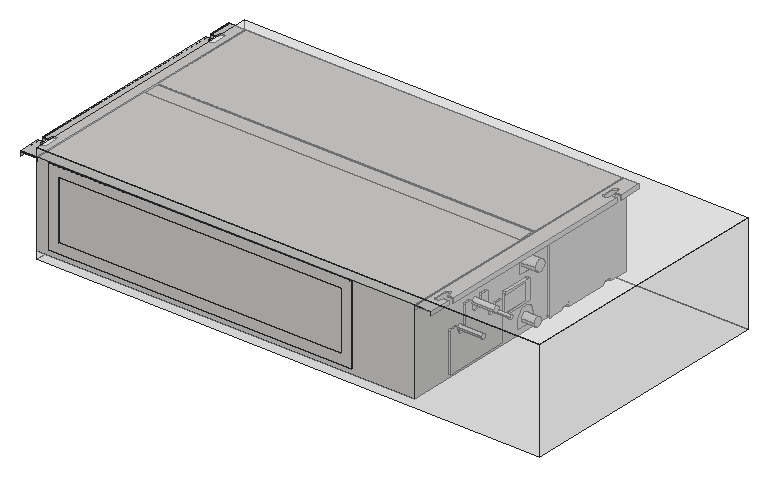
Revit family "outputfile", category 機械設備, Revit 2024
Family settings
  丸型コネクタ寸法 = 半径を使用
  パーツ タイプ = 標準
  OmniClass 番号 = 23.75.10.24.21.27.27
  OmniClass タイトル = Split System Air Conditioning Units
  作業面ベース = いいえ
  常に垂直 = はい
  ロード時にボイドで切り取り = いいえ
  注釈の向きを維持 = いいえ
  共有 = いいえ
  部屋計算ポイント = はい
Parameters (values of type "FPRSQ50APVM")
  Description = ""
  製造元 = "Daikin"
  書き出し IFC クラス(タイプ) = "IfcUnitaryEquipmentType"
  定義済み IFC タイプ(タイプ) = "AIRCONDITIONINGUNIT"
  Cost = 0
  モデル = "FPRSQ50APVM"
  Type Comments = ""
  Keynote = ""
  Type Image = (empty or 0)
  Assembly Code = ""
  r_HP/LP Gas Pipe Size = [HP/LP Gas Pipe Size] / 2  # 4.75 mm
  lw_suctionflange = 40.0 mm  # constant formula
  r_Liquid Pipe Size = Liquid Pipe Size / 2  # 3.2 mm
  r_Gas Pipe Size = Gas Pipe Size / 2  # 6.35 mm
  r_Drain Pipe Size = Drain Pipe Size / 2  # 13.0 mm
  lw_dischargeflange = 60.0 mm
  lw_SA_left = 451.0 mm
  lw_SA = Width - 178.0 mm  # 722.0 mm
  lw_RA = 818.0 mm
  lw_HP/LP Gas = 60.0 mm  # constant formula
  lh_suctionflange [instance] = if(Rear Connection_Return Air, -100.0 mm, -10.0 mm)  # -100.0 mm
  lh_power = 100.0 mm  # constant formula
  lh_mountinghole1 = lh_mountinghole  # 200.0 mm
  lh_dischargeflange = 105.5 mm  # constant formula
  lh_RA = 198.0 mm  # constant formula
  lh_HP/LP Gas = -103.0 mm  # constant formula
  left_pipe = yes
  ld_dischargeflange = 310.0 mm  # constant formula
  ld_suctionflange [instance] = if(Rear Connection_Return Air, 190.0 mm, 100.0 mm)  # 190.0 mm
  ld_HP/LP Gas = 179.0 mm  # constant formula
  angle_vertical_RA [instance] = if(Rear Connection_Return Air, 90.00°, 0.00°)  # 90.00°
  angle horizontal_RA [instance] = if(Rear Connection_Return Air, 180.00°, 270.00°)  # 180.00°
  Voltage_comment_60Hz = "220-230"
  Voltage_comment_50Hz = "220 - 240"
  Voltage_60Hz = 220 V
  Voltage_50Hz = 230 V
  URL = ""
  Supply Air Direction [instance] = yes
  Sound Power Level_H speed (dB) = 0
  Rear Connection_Return Air [instance] = not(Bottom Connection_Return Air)  # yes
  ld_RA = 190.0 mm  # constant formula
  Phase_60Hz = 1
  Phase_50Hz = 1
  Minimum External Static Pressure = 0.00 Pa
  Minimum Circuit Amps_60Hz = 0.63 A
  Minimum Circuit Amps_50Hz = 0.63 A
  Maximum Fuse Amps_60Hz = 16.0 A
  Maximum Fuse Amps_50Hz = 16.0 A
  Maximum External Static Pressure = 10.00 Pa
  Material_Casing = DAIKIN_GalvanizedSteel_Casing_indoorunit
  lw_mountinghole = 940.0 mm
  lh_gaspipe = -67.0 mm  # constant formula
  lh_mountinghole = 200.0 mm  # constant formula
  lh_liquidpipe = -103.0 mm  # constant formula
  lh_drainpipe = -50.0 mm  # constant formula
  lh_antena = 1.0 mm  # constant formula
  ld_drainpipe = 23.0 mm  # constant formula
  ld_liquidpipe = 89.0 mm  # constant formula
  ld_gaspipe = 134.0 mm  # constant formula
  ld_mountinghole = 500.0 mm  # constant formula
  h*** = 100.0 mm  # constant formula
  lw_liquidpipe = 54.5 mm  # constant formula
  lw_gaspipe = 54.5 mm  # constant formula
  lw_drainpipe = 33.0 mm  # constant formula
  Width = 900.0 mm
  Version = "ver.1.0"
  Unit Type = "Moisture Control Intelligent 3D Air Flow Ceiling Mounted Duct Type"
  Unit Mass Weight = 28.00 kg
  Unit Designation [instance] = ""
  Uniclass2015Version = "Products v1.30"
  Uniclass2015Title = "Variable refrigerant flow units"
  Uniclass2015Code = "Pr_70_65_03_94"
  Total Cooling Capacity [instance] = 0.000 kW
  Sound Pressure Level_M speed (dBA) = 33
  Sound Pressure Level_L speed (dBA) = 30
  Sound Pressure Level_H speed (dBA) = 36
  Series = "VRV HOME_Fan Coil Unit"
  Sensible Cooling Capacity [instance] = 0.000 kW
  SA Duct Size Width = 656.0 mm
  SA Duct Size Height = 141.0 mm
  Refrigerant Type = "R410A"
  RA Duct Size Width = 780.0 mm
  RA Duct Size Height = 160.0 mm
  Power Input (Cooling) = 0.055 kW
  Option Accessory 3 [instance] = ""
  Option Accessory 2 [instance] = ""
  Option Accessory 1 [instance] = ""
  Nominal Cooling Capacity = 5.600 kW
  Minimum Airflow = 600.00 m³/h
  Median Airflow = 690.00 m³/h
  Maximum Airflow = 810.00 m³/h
  Load Classification = HVAC
  Liquid Pipe Size = 6.4 mm
  Link_Nested Family [instance] = ""
  IfcVersion = ""
  IfcExportType = "AIRCONDITIONINGUNIT"
  IfcExportAs = "IfcUnitaryEquipmentType"
  Height = 200.0 mm
  Heat Exchanger Type = "Cross Fin Coil"
  HP/LP Gas Pipe Size = 9.5 mm
  Gas Pipe Size = 12.7 mm
  Frequency_60Hz = 60 Hz
  Frequency_50Hz = 50 Hz
  Fan Type = "Sirocco Fan"
  Fan Drive = "Direct Drive"
  FCU Tag No. [instance] = ""
  Drain Pipe Size = 26.0 mm
  Design Supply Airflow [instance] = 0.00 m³/h
  Design Return Airflow [instance] = 0.00 m³/h
  Design External Static Pressure [instance] = 0.00 Pa
  Depth = 620.0 mm
  既定の高さ = 0.0 mm
  Cooling Entering Wet Bulb Temperature [instance] = 0.00 °C
  Cooling Entering Dry Bulb Temperature [instance] = 0.00 °C
  Cooling Ambient Wet Bulb Temperature [instance] = 0.00 °C
  Cooling Ambient Dry Bulb Temperature [instance] = 0.00 °C
  Clearance visibility [instance] = yes
  Clearance Top = 20.0 mm
  Clearance Right = 300.0 mm
  Clearance Rear = 0.0 mm
  Clearance Left = 0.0 mm
  Clearance Front = 0.0 mm
  Clearance Bottom = 20.0 mm
  Bottom Connection_Return Air [instance] = no
Reference planes
  plane 1 "Center (Front/Back)": y = 0
  plane 2 "h": z = 0
  plane 3 "Center (Left/Right)": x = 0
  plane 4 "Back": y = 310
  plane 5 "Front": y = -310
  plane 6 "Left": x = -450
  plane 7 "Reight": x = 450
  plane 8 "Top": z = 0
  plane 9 "Bottom": z = -200
  plane 10: z = 1.2
  plane 11: z = -2
  plane 12: y = -136.255
  plane 13: y = -88.831
  plane 14: x = -370
  plane 15 "lh_mountinghole": z = 0
  plane 16: z = -50
  plane 17: y = -250
  plane 18: y = 250
  plane 19 "ld_liquidpipe": y = -89
  plane 20 "ld_gaspipe": y = -134
  plane 21: y = -215
  plane 22 "ld_drainpipe": y = 23
  plane 23: x = -470
  plane 24: x = -450
  plane 25: x = 448.7
  plane 26: x = 483
  plane 27: x = 457
  plane 28: x = 460
  plane 29: x = 458
  plane 30: x = 470
  plane 31: y = 20
  plane 32: x = 480
  plane 33: x = 448
  plane 34: y = 310
  plane 35: y = -310
  plane 36: x = -450
  plane 37: x = 750
  plane 38: z = 20
  plane 39: z = -220
  plane 40: y = 335
  plane 41: z = -198
  plane 42: z = 205.102
  plane 43 "d_liquid_pipe": x = 504.5
  plane 44 "d_gas_pipe": x = 504.5
  plane 45 "ld_SA": y = -310
  plane 46: x = -350
  plane 47: x = -60
  plane 48: y = 500
  plane 49: z = -94.5
  plane 50: x = -449
  plane 51: z = -199
  plane 52: z = -1
  plane 53: y = 120
  plane 54: y = 110
  plane 55: z = -10
  plane 56 "RA_width": x = -40
  plane 57: y = 210
  plane 58 "RA_depth": y = 120
  plane 59: z = -100
  plane 60: x = -349
  plane 61: y = 309
  plane 62: x = 341.57
  plane 63: z = -30
  plane 64 "ld_HP/LP Gas": y = -179
  plane 65: x = 510
  plane 66: x = 430.5
  plane 67: y = 260.8
  plane 68 "h115": z = -84.79
  plane 69: y = 194.79
Forms (mm)
  Extrusion 1, solid, material "DAIKIN_GalvanizedSteel_Casing_indoorunit" <- "Material_Casing"
    sketch origin (0, 0, 0) x (1, 0, 0) y (0, 1, 0)
      loop
        line (-450, 310) -> (-450, -310) -> (450, -310) -> (450, 310) -> (-450, 310)
    from -200 to 0
  Extrusion 2, solid, material "DAIKIN_GalvanizedSteel_Casing_indoorunit" <- "Material_Casing"
    sketch origin (0, 0, 0) x (0, 1, 0) y (0, 0, 1)
      loop
        arc (22.012, -86.909) -> (21.133, -84.787) -> (19.012, -83.909) r 3
        line (19.012, -83.909) -> (-47.992, -83.909)
        arc (-47.992, -83.909) -> (-50.114, -84.788) -> (-50.992, -86.91) r 3
        line (-50.992, -86.91) -> (-50.992, -128.409)
        arc (-50.992, -128.409) -> (-50.114, -130.53) -> (-47.992, -131.409) r 3
        line (-47.992, -131.409) -> (19.012, -131.409)
        arc (19.012, -131.409) -> (21.133, -130.53) -> (22.012, -128.409) r 3
        line (22.012, -128.409) -> (22.012, -86.909)
    from 450 to 460
  Extrusion 3, void
    sketch origin (0, 0, 0) x (1, 0, 0) y (0, 1, 0)
      loop
        line (448.7, 48.53) -> (-450, 48.53) -> (-450, 6.27) -> (448.7, 6.27) -> (448.7, 48.53)
    from -2 to 0
  Extrusion 4, void
    sketch origin (0, 0, 0) x (0, 1, 0) y (0, 0, 1)
      loop
        line (-138.492, -87.409) -> (-138.492, -127.909) -> (9.612, -127.909) -> (9.612, -87.409) -> (-138.492, -87.409)
    from 458 to 460
  Extrusion 5, solid, material "DAIKIN_GalvanizedSteel_Casing_indoorunit" <- "Material_Casing"
    sketch origin (0, 0, 0) x (0, 1, 0) y (0, 0, 1)
      loop
        circle (20, -170) r 10
    from 450 to 480
  Extrusion 6, solid, material "DAIKIN_GalvanizedSteel_Casing_indoorunit" <- "Material_Casing"
    sketch origin (0, 0, 0) x (0, 1, 0) y (0, 0, 1)
      loop
        circle (23, -50) r 13
    from 448 to 483
  Extrusion 7, void
    sketch origin (0, 0, 0) x (0, 1, 0) y (0, 0, 1)
      loop
        arc (2.051, -70.461) -> (3.512, -73.988) -> (7.039, -75.449) r 4.988
        line (7.039, -75.449) -> (38.961, -75.449)
        arc (38.961, -75.449) -> (42.488, -73.988) -> (43.949, -70.461) r 4.988
        line (43.949, -70.461) -> (43.949, -34.039)
        arc (43.949, -34.039) -> (42.488, -30.512) -> (38.961, -29.051) r 4.988
        line (38.961, -29.051) -> (7.039, -29.051)
        arc (7.039, -29.051) -> (3.512, -30.512) -> (2.051, -34.039) r 4.988
        line (2.051, -34.039) -> (2.051, -70.461)
      loop
        arc (44.442, -169.501) -> (20.002, -145.061) -> (-4.438, -169.501) r 24.44
        line (-4.438, -169.501) -> (-4.438, -189.537) -> (44.442, -189.537) -> (44.442, -169.501)
    from 448 to 450
  Extrusion 8, solid
    sketch origin (0, 0, 0) x (0, 1, 0) y (0, 0, 1)
      loop
        circle (-89, -103) r 3.2
    from 450 to 504.5
  Extrusion 9, solid
    sketch origin (0, 0, 0) x (0, 1, 0) y (0, 0, 1)
      loop
        circle (-134, -67) r 6.35
    from 450 to 504.5
  Extrusion 10, solid, material "DAIKIN_GalvanizedSteel_Casing_indoorunit" <- "Material_Casing"
    sketch origin (0, 0, 0) x (1, 0, 0) y (0, 1, 0)
      loop
        circle (430.5, 260.8) r 17.5
    from -198 to -200
  Extrusion 11, void
    sketch origin (0, 0, 0) x (1, 0, 0) y (0, 0, 1)
      loop
        line (-449, -1) -> (-449, -199) -> (369, -199) -> (369, -1) -> (-449, -1)
    from -310 to -120
  Extrusion 12, void
    sketch origin (0, 0, 0) x (1, 0, 0) y (0, 1, 0)
      loop
        line (-449, 309) -> (-449, 111) -> (369, 111) -> (369, 309) -> (-449, 309)
    from -200 to -10
  Extrusion 13, solid, material "DAIKIN_GalvanizedSteel_Casing_indoorunit" <- "Material_Casing", visible <- "Rear Connection_Return Air"
    sketch origin (0, 0, 0) x (1, 0, 0) y (0, 1, 0)
      loop
        line (369, 309) -> (-449, 309) -> (-449, 111) -> (369, 111) -> (369, 309)
    from -200 to -199
  Extrusion 14, solid, material "DAIKIN_GalvanizedSteel_Casing_indoorunit" <- "Material_Casing", visible <- "Bottom Connection_Return Air"
    sketch origin (0, 0, 0) x (1, 0, 0) y (0, 0, 1)
      loop
        line (369, -1) -> (-449, -1) -> (-449, -199) -> (369, -199) -> (369, -1)
    from -310 to -300
  Extrusion 15, solid
    sketch origin (0, 0, 0) x (0, 1, 0) y (0, 0, 1)
      loop
        circle (-179, -103) r 4.75
    from 450 to 510
  Extrusion 16, solid, material "DAIKIN_GalvanizedSteel_Casing_indoorunit" <- "Material_Casing"
    sketch origin (0, 0, 0) x (0, 1, 0) y (0, 0, 1)
      loop
        arc (83.953, -195.012) -> (84.829, -197.128) -> (86.945, -198.005) r 2.993
        line (86.945, -198.005) -> (116.373, -198.005)
        arc (116.373, -198.005) -> (118.489, -197.128) -> (119.366, -195.012) r 2.993
        line (119.366, -195.012) -> (119.366, -188.29)
        arc (119.366, -188.29) -> (120.862, -186.794) -> (122.359, -188.29) r 1.496
        line (122.359, -188.29) -> (122.359, -190.333) -> (137.322, -190.333) -> (137.322, -188.29)
        arc (137.322, -188.29) -> (138.818, -186.794) -> (140.315, -188.29) r 1.496
        line (140.315, -188.29) -> (140.315, -195.012)
        arc (140.315, -195.012) -> (141.191, -197.128) -> (143.307, -198.005) r 2.993
        line (143.307, -198.005) -> (241.068, -198.005)
        arc (241.068, -198.005) -> (243.185, -197.128) -> (244.061, -195.012) r 2.993
        line (244.061, -195.012) -> (244.061, -188.29)
        arc (244.061, -188.29) -> (245.558, -186.794) -> (247.054, -188.29) r 1.496
        line (247.054, -188.29) -> (247.054, -190.333) -> (262.017, -190.333) -> (262.017, -188.29)
        arc (262.017, -188.29) -> (263.514, -186.794) -> (265.01, -188.29) r 1.496
        line (265.01, -188.29) -> (265.01, -195.012)
        arc (265.01, -195.012) -> (265.887, -197.128) -> (268.003, -198.005) r 2.993
        line (268.003, -198.005) -> (310, -198.005) -> (310, -22.445) -> (280.969, -22.445) -> (277.477, -25.937) -> (207.648, -25.937) -> (204.157, -22.445) -> (86.945, -22.445)
        arc (86.945, -22.445) -> (84.829, -23.322) -> (83.953, -25.438) r 2.993
        line (83.953, -25.438) -> (83.953, -195.012)
      loop
        arc (-116.44, -57.656) -> (-118.563, -58.535) -> (-119.443, -60.659) r 3.003
        line (-119.443, -60.659) -> (-119.443, -71.5)
        arc (-119.443, -71.5) -> (-134, -86.057) -> (-148.557, -71.5) r 14.557
        line (-148.557, -71.5) -> (-148.557, -60.659)
        arc (-148.557, -60.659) -> (-149.437, -58.535) -> (-151.56, -57.656) r 3.003
        line (-151.56, -57.656) -> (-164.073, -57.656)
        arc (-164.073, -57.656) -> (-166.196, -58.535) -> (-167.076, -60.659) r 3.003
        line (-167.076, -60.659) -> (-167.076, -103)
        arc (-167.076, -103) -> (-179.13, -115.055) -> (-191.185, -103) r 12.055
        line (-191.185, -103) -> (-191.185, -98.897)
        arc (-191.185, -98.897) -> (-192.064, -96.774) -> (-194.188, -95.894) r 3.003
        line (-194.188, -95.894) -> (-208.202, -95.894)
        arc (-208.202, -95.894) -> (-210.325, -96.774) -> (-211.205, -98.897) r 3.003
        line (-211.205, -98.897) -> (-211.205, -189.537) -> (-58.882, -189.537) -> (-58.882, -98.897)
        arc (-58.882, -98.897) -> (-59.762, -96.774) -> (-61.885, -95.894) r 3.003
        line (-61.885, -95.894) -> (-74.026, -95.894)
        arc (-74.026, -95.894) -> (-76.15, -96.774) -> (-77.029, -98.897) r 3.003
        line (-77.029, -98.897) -> (-77.029, -103)
        arc (-77.029, -103) -> (-88.977, -114.948) -> (-100.924, -103) r 11.948
        line (-100.924, -103) -> (-100.924, -60.659)
        arc (-100.924, -60.659) -> (-101.804, -58.535) -> (-103.927, -57.656) r 3.003
        line (-103.927, -57.656) -> (-116.44, -57.656)
    from 450 to 457
  Revolve 17, solid, material "DAIKIN_GalvanizedSteel_Casing_indoorunit" <- "Material_Casing", visible <- "left_pipe"
    sketch origin (0, 0, -84.79) x (0, 1, 0) y (-1, 0, 0)
      loop
        line (194.79, 450) -> (194.79, 465.7) -> (187.29, 465.7) -> (187.29, 458.7) -> (177.29, 458.7) -> (177.29, 450) -> (194.79, 450)
      axis (194.79, 465.7) -> (194.79, 450)
    angle from 0 to 360
Cuts and joins
  Extrusion 3, Extrusion 4, Extrusion 7, Extrusion 11, Extrusion 12 cuts Extrusion 1
  Extrusion 4 cuts Extrusion 2
  Extrusion 11 cuts Extrusion 6
Dimensions and locks
  "Height": plane 8 "Top" to plane 9 "Bottom"
  locked: plane 10 to plane 8 "Top" at 1.2
  locked: plane 8 "Top" to plane 11 at 2
  equal spacing: plane 17, plane 1 "Center (Front/Back)", plane 18
  "ld_mountinghole": plane 17 to plane 18
  "ld_gaspipe": plane 20 "ld_gaspipe" to plane 1 "Center (Front/Back)"
  "ld_liquidpipe": plane 19 "ld_liquidpipe" to plane 1 "Center (Front/Back)"
  equal spacing: plane 4 "Back", plane 1 "Center (Front/Back)", plane 5 "Front"
  "Depth": plane 4 "Back" to plane 5 "Front"
  locked: plane 12 to plane 1 "Center (Front/Back)" at 136.255
  locked: plane 12 to plane 13 at 47.425
  locked: plane 13 to plane 1 "Center (Front/Back)" at 88.831
  equal spacing: plane 6 "Left", plane 3 "Center (Left/Right)", plane 7 "Reight"
  "Width": plane 6 "Left" to plane 7 "Reight"
  "lw_drainpipe": plane 7 "Reight" to plane 26
  locked: plane 7 "Reight" to plane 27 at 7
  locked: plane 28 to plane 26 at 23
  locked: plane 29 to plane 26 at 25
  equal spacing: plane 23, plane 3 "Center (Left/Right)", plane 30
  "lw_mountinghole": plane 23 to plane 30
  locked: plane 7 "Reight" to plane 32 at 30
  locked: plane 33 to plane 7 "Reight" at 2
  "Clearance Left": plane 36 to plane 6 "Left"
  "Clearance Right": plane 7 "Reight" to plane 37
  "Clearance Rear": plane 34 to plane 4 "Back"
  "Clearance Front": plane 5 "Front" to plane 35
  "Clearance Top": plane 38 to plane 8 "Top"
  "Clearance Bottom": plane 9 "Bottom" to plane 39
  locked: plane 40 to plane 4 "Back" at 25
  locked: plane 25 to plane 7 "Reight" at 1.3
  locked: plane 41 to plane 9 "Bottom" at 2
  "lw_liquidpipe": plane 7 "Reight" to plane 43 "d_liquid_pipe"
  "lw_gaspipe": plane 7 "Reight" to plane 44 "d_gas_pipe"
  "lh_mountinghole": plane 15 "lh_mountinghole" to plane 9 "Bottom"
  "ld_suctionflange": plane 48 to plane 4 "Back"
  "lw_dischargeflange": plane 47 to plane 3 "Center (Left/Right)"
  "lh_dischargeflange": plane 49 to plane 9 "Bottom"
  locked: plane 8 "Top" to plane 52 at 1
  locked: plane 50 to plane 6 "Left" at 1
  locked: plane 51 to plane 9 "Bottom" at 1
  locked: plane 55 to plane 9 "Bottom" at 190
  locked: plane 4 "Back" to plane 53 at 190
  locked: plane 4 "Back" to plane 54 at 200
  locked: plane 4 "Back" to plane 57 at 100
  "lw_suctionflange": plane 56 "RA_width" to plane 3 "Center (Left/Right)"
  "ld_suctionflange": plane 4 "Back" to plane 58 "RA_depth"
  "lh_power": plane 59 to plane 9 "Bottom"
  locked: plane 46 to plane 60 at 1
  locked: plane 34 to plane 61 at 1
  locked: plane 8 "Top" to plane 63 at 30
  locked: plane 7 "Reight" to plane 62 at 108.43
  locked: plane 16 to plane 9 "Bottom" at 150
  locked: Extrusion 3 sketch curve to Extrusion 3 sketch curve at 42.26
  "ld_HP/LP Gas": plane 64 "ld_HP/LP Gas" to plane 1 "Center (Front/Back)"
  "ld_drainpipe": plane 1 "Center (Front/Back)" to plane 22 "ld_drainpipe"
  locked: plane 1 "Center (Front/Back)" to plane 31 at 20
  locked: Extrusion 5 sketch curve to plane 9 "Bottom" at 30
  Extrusion 15 sketch curve to plane 9 "Bottom" = 97.0 mm
  "lw_HP/LP Gas": plane 7 "Reight" to plane 65
  locked: Extrusion 9 sketch curve to plane 9 "Bottom" at 133
  locked: Extrusion 8 sketch curve to plane 9 "Bottom" at 97
  plane 66 to plane 7 "Reight" = 19.5 mm
  locked: plane 68 "h115" to plane 9 "Bottom" at 115.21
  locked: plane 4 "Back" to plane 69 at 115.21
  Revolve 17 sketch curve to plane 6 "Left" = 8.7 mm
  Revolve 17 sketch curve to plane 6 "Left" = 15.7 mm
  locked: plane 69 to Revolve 17 sketch curve at 17.5
  locked: plane 69 to Revolve 17 sketch curve at 7.5
  "ld_dischargeflange": plane 45 "ld_SA" to plane 1 "Center (Front/Back)"
  plane 4 "Back" to cut or joined group of Extrusion 1, Extrusion 3, Extrusion 4, Extrusion 7, Extrusion 11, Extrusion 12 = 261.47 mm
  plane 4 "Back" to plane 67 = 49.2 mm
  "Drain Pipe Size": diameter of Extrusion 6 sketch curve
  "Liquid Pipe Size": diameter of Extrusion 8 sketch curve
  "Gas Pipe Size": diameter of Extrusion 9 sketch curve
  "HP/LP Gas Pipe Size": diameter of Extrusion 15 sketch curve
  aligned and locked: level to plane 2 "h"
  aligned and locked: plane 8 "Top" to Extrusion 1
  aligned and locked: Extrusion 1 to plane 9 "Bottom"
  aligned and locked: Extrusion 3 to plane 11
  aligned and locked: plane 8 "Top" to Extrusion 3
  aligned and locked: Extrusion 2 to Extrusion 4
  aligned and locked: nested 3 to plane 20 "ld_gaspipe"
  aligned and locked: nested 4 to plane 19 "ld_liquidpipe"
  aligned and locked: nested 5 to plane 22 "ld_drainpipe"
  aligned and locked: nested 1 to plane 7 "Reight"
  aligned and locked: plane 6 "Left" to plane 24
  aligned and locked: Extrusion 3 sketch curve to plane 24
  aligned and locked: Extrusion 3 sketch curve to plane 25
  aligned and locked: cut or joined group of Extrusion 1, Extrusion 3, Extrusion 4, Extrusion 7, Extrusion 11, Extrusion 12 to plane 6 "Left"
  aligned and locked: plane 7 "Reight" to cut or joined group of Extrusion 1, Extrusion 3, Extrusion 4, Extrusion 7, Extrusion 11, Extrusion 12
  aligned and locked: plane 26 to Extrusion 6
  aligned and locked: Extrusion 6 to plane 26  (x2)
  aligned and locked: plane 7 "Reight" to nested 1
  aligned and locked: plane 28 to cut or joined group of Extrusion 2, Extrusion 4
  aligned and locked: cut or joined group of Extrusion 2, Extrusion 4 to plane 29
  aligned and locked: nested 2 to plane 6 "Left"
  aligned and locked: plane 31 to Extrusion 5 sketch curve
  aligned and locked: Extrusion 5 to plane 7 "Reight"
  aligned and locked: plane 32 to Extrusion 5
  aligned and locked: Extrusion 2 to plane 7 "Reight"
  aligned and locked: plane 7 "Reight" to Extrusion 7
  aligned and locked: plane 33 to Extrusion 7
  aligned and locked: plane 33 to Extrusion 6
  aligned and locked: plane 3 "Center (Left/Right)" to nested 6
  aligned and locked: plane 1 "Center (Front/Back)" to nested 6
  aligned and locked: plane 4 "Back" to cut or joined group of Extrusion 1, Extrusion 3, Extrusion 4, Extrusion 7, Extrusion 11, Extrusion 12
  aligned and locked: nested 7 to plane 35
  aligned and locked: plane 36 to nested 7
  aligned and locked: plane 37 to nested 7
  aligned and locked: nested 7 to plane 36
  aligned and locked: plane 34 to nested 7
  aligned and locked: plane 38 to nested 7
  aligned and locked: plane 39 to nested 7
  aligned and locked: Extrusion 8 to plane 7 "Reight"
  aligned and locked: plane 43 "d_liquid_pipe" to Extrusion 8
  aligned and locked: plane 20 "ld_gaspipe" to Extrusion 9 sketch curve
  aligned and locked: Extrusion 9 to plane 7 "Reight"
  aligned and locked: plane 44 "d_gas_pipe" to Extrusion 9
  aligned and locked: plane 44 "d_gas_pipe" to nested 3
  aligned and locked: plane 43 "d_liquid_pipe" to nested 4
  aligned and locked: plane 19 "ld_liquidpipe" to Extrusion 8 sketch curve
  aligned and locked: plane 15 "lh_mountinghole" to nested 2
  aligned and locked: plane 15 "lh_mountinghole" to nested 1
  aligned and locked: plane 30 to nested 8
  aligned and locked: plane 17 to nested 8
  aligned and locked: plane 30 to nested 11
  aligned and locked: plane 18 to nested 11
  aligned and locked: plane 23 to nested 9
  aligned and locked: plane 18 to nested 9
  aligned and locked: plane 23 to nested 10
  aligned and locked: plane 17 to nested 10
  aligned and locked: plane 47 to nested 12
  aligned and locked: plane 49 to nested 12
  aligned and locked: Extrusion 10 to plane 9 "Bottom"
  aligned and locked: nested 13 to plane 9 "Bottom"
  aligned and locked: plane 50 to Extrusion 11 sketch curve
  aligned and locked: Extrusion 11 sketch curve to plane 52
  aligned and locked: plane 51 to Extrusion 11 sketch curve
  aligned and locked: plane 4 "Back" to Extrusion 11
  aligned and locked: Extrusion 12 to plane 9 "Bottom"
  aligned and locked: plane 55 to Extrusion 12
  aligned and locked: Extrusion 13 sketch curve to cut or joined group of Extrusion 1, Extrusion 3, Extrusion 4, Extrusion 7, Extrusion 11, Extrusion 12
  aligned and locked: cut or joined group of Extrusion 1, Extrusion 3, Extrusion 4, Extrusion 7, Extrusion 11, Extrusion 12 to Extrusion 13 sketch curve
  aligned and locked: Extrusion 13 to plane 9 "Bottom"
  aligned and locked: Extrusion 11 to plane 53
  aligned and locked: Extrusion 14 sketch curve to cut or joined group of Extrusion 1, Extrusion 3, Extrusion 4, Extrusion 7, Extrusion 11, Extrusion 12  (x3)
  aligned and locked: plane 4 "Back" to Extrusion 14
  aligned and locked: Extrusion 13 to cut or joined group of Extrusion 1, Extrusion 3, Extrusion 4, Extrusion 7, Extrusion 11, Extrusion 12
  aligned and locked: plane 7 "Reight" to nested 5
  aligned and locked: plane 22 "ld_drainpipe" to nested 5
  aligned and locked: nested 2 to plane 1 "Center (Front/Back)"
  aligned and locked: plane 22 "ld_drainpipe" to Extrusion 6 sketch curve
  aligned and locked: plane 7 "Reight" to nested 17
  aligned and locked: plane 64 "ld_HP/LP Gas" to nested 17
  aligned and locked: plane 64 "ld_HP/LP Gas" to Extrusion 15 sketch curve
  aligned and locked: Extrusion 15 to plane 65
  aligned and locked: Extrusion 16 to plane 7 "Reight"
  aligned and locked: Extrusion 16 to plane 27
  aligned and locked: plane 67 to Extrusion 10 sketch curve
  aligned and locked: plane 66 to Extrusion 10 sketch curve
  aligned and locked: plane 66 to nested 13
  aligned and locked: plane 67 to nested 13
  aligned and locked: Extrusion 13 sketch curve to nested 16
  aligned and locked: plane 56 "RA_width" to nested 15
  aligned and locked: Extrusion 15 to plane 7 "Reight"
  aligned and locked: plane 56 "RA_width" to nested 16
  aligned and locked: Revolve 17 sketch curve to plane 69  (x2)
  aligned and locked: nested 15 to plane 58 "RA_depth"
  aligned and locked: plane 47 to nested 18
  aligned and locked: nested 18 to plane 49
  aligned and locked: plane 1 "Center (Front/Back)" to nested 12
  aligned and locked: plane 45 "ld_SA" to nested 18
  aligned and locked: plane 5 "Front" to Extrusion 1 sketch curve
Automatic sketch dimensions
  Extrusion 1 sketch curve to plane 6 "Left" = 0.0 mm
  Extrusion 1 sketch curve to plane 7 "Reight" = 0.0 mm
  Extrusion 1 sketch curve to plane 4 "Back" = 0.0 mm
  plane 6 "Left" to Extrusion 12 sketch curve = 1.0 mm
  Extrusion 12 sketch curve to plane 7 "Reight" = 81.0 mm
  Extrusion 12 sketch curve to plane 4 "Back" = 1.0 mm
  Extrusion 13 sketch curve to plane 4 "Back" = 1.0 mm
  plane 33 to Extrusion 14 sketch curve = 79.0 mm
  plane 33 to Extrusion 11 sketch curve = 79.0 mm
  plane 54 to Extrusion 12 sketch curve = 1.0 mm
  Extrusion 6 sketch curve to plane 16 = 0.0 mm
  Extrusion 2 sketch curve to Extrusion 2 sketch curve = 3.0 mm  (x5)
  Extrusion 2 sketch curve to plane 49 = 7.591 mm
  Extrusion 4 sketch curve to plane 49 = 7.091 mm
  Extrusion 4 sketch curve to plane 1 "Center (Front/Back)" = 9.612 mm
  plane 20 "ld_gaspipe" to Extrusion 4 sketch curve = 4.492 mm
  Extrusion 4 sketch curve to plane 59 = 27.909 mm
  plane 22 "ld_drainpipe" to Extrusion 2 sketch curve = 3.988 mm
  Extrusion 2 sketch curve to plane 59 = 28.409 mm
  Extrusion 2 sketch curve to plane 19 "ld_liquidpipe" = 41.008 mm
  plane 1 "Center (Front/Back)" to Extrusion 7 sketch curve = 4.438 mm
  Extrusion 7 sketch curve to plane 1 "Center (Front/Back)" = 2.051 mm
  plane 63 to Extrusion 7 sketch curve = 0.949 mm
  Extrusion 7 sketch curve to plane 1 "Center (Front/Back)" = 7.039 mm  (x2)
  plane 22 "ld_drainpipe" to Extrusion 7 sketch curve = 2.998 mm
  Extrusion 7 sketch curve to plane 22 "ld_drainpipe" = 15.961 mm  (x2)
  Extrusion 7 sketch curve to Extrusion 7 sketch curve = 4.988 mm
  Extrusion 7 sketch curve to plane 49 = 24.039 mm
  plane 41 to Extrusion 7 sketch curve = 28.499 mm
  plane 41 to Extrusion 7 sketch curve = 8.463 mm
  Extrusion 16 sketch curve to plane 21 = 3.795 mm  (x2)
  Extrusion 16 sketch curve to Extrusion 16 sketch curve = 3.003 mm  (x6)
  plane 49 to Extrusion 16 sketch curve = 1.394 mm  (x4)
  Extrusion 16 sketch curve to Extrusion 16 sketch curve = 0.0 mm  (x18)
  plane 49 to Extrusion 16 sketch curve = 4.397 mm  (x2)
  Extrusion 16 sketch curve to Extrusion 16 sketch curve = 14.014 mm
  Extrusion 16 sketch curve to plane 64 "ld_HP/LP Gas" = 0.13 mm
  plane 64 "ld_HP/LP Gas" to Extrusion 16 sketch curve = 11.924 mm
  Extrusion 16 sketch curve to Extrusion 16 sketch curve = 12.513 mm  (x2)
  plane 20 "ld_gaspipe" to Extrusion 16 sketch curve = 0.0 mm
  Extrusion 16 sketch curve to plane 59 = 3.0 mm  (x3)
  plane 19 "ld_liquidpipe" to Extrusion 16 sketch curve = 11.924 mm
  Extrusion 16 sketch curve to plane 19 "ld_liquidpipe" = 0.023 mm
  Extrusion 16 sketch curve to Extrusion 16 sketch curve = 12.141 mm
  plane 41 to Extrusion 16 sketch curve = 8.463 mm
  Extrusion 16 sketch curve to plane 19 "ld_liquidpipe" = 30.118 mm
  plane 63 to Extrusion 16 sketch curve = 4.562 mm
  Extrusion 16 sketch curve to plane 53 = 36.047 mm
  Extrusion 16 sketch curve to Extrusion 16 sketch curve = 2.993 mm  (x4)
  Extrusion 16 sketch curve to plane 41 = 0.005 mm  (x3)
  Extrusion 16 sketch curve to plane 53 = 3.627 mm
  Extrusion 16 sketch curve to plane 53 = 0.634 mm
  plane 53 to Extrusion 16 sketch curve = 0.862 mm
  Extrusion 16 sketch curve to Extrusion 16 sketch curve = 14.963 mm
  Extrusion 16 sketch curve to Extrusion 16 sketch curve = 1.496 mm  (x3)
  Extrusion 16 sketch curve to plane 57 = 5.843 mm
  Extrusion 16 sketch curve to plane 57 = 2.352 mm
  plane 18 to Extrusion 16 sketch curve = 8.932 mm
  plane 18 to Extrusion 16 sketch curve = 5.939 mm
  Extrusion 16 sketch curve to plane 18 = 12.017 mm
  plane 63 to Extrusion 16 sketch curve = 4.063 mm
  Extrusion 16 sketch curve to plane 18 = 27.477 mm
  Extrusion 16 sketch curve to Extrusion 16 sketch curve = 3.491 mm
  Extrusion 16 sketch curve to plane 4 "Back" = 0.0 mm
  Extrusion 16 sketch curve to Extrusion 16 sketch curve = 4.679 mm  (x2)
  Extrusion 16 sketch curve to Extrusion 16 sketch curve = 2.042 mm  (x4)
  Extrusion 16 sketch curve to plane 49 = 23.0 mm
  Extrusion 16 sketch curve to Extrusion 16 sketch curve = 10.841 mm  (x4)
  plane 63 to Extrusion 16 sketch curve = 7.555 mm
  Revolve 17 sketch curve to plane 6 "Left" = 0.0 mm
  plane 60 to Revolve 17 sketch curve = 53.3 mm
  Revolve 17 sketch curve to plane 14 = 10.7 mm
  Extrusion 3 sketch curve to plane 1 "Center (Front/Back)" = 6.27 mm
  radius of Extrusion 5 sketch curve = 10.0 mm
  radius of Extrusion 10 sketch curve = 17.5 mm
Nested families
  nested 1: "daikin_hangerfixture_FPRSQ-APVM" at (450, 0, 0), type "daikin_hangerfixture_FPRSQ-APVM"
  nested 2: "daikin_hangerfixture_FPRSQ-APVM" at (-450, 0, 0) x (-1, 0, 0) z (0, 0, 1), type "daikin_hangerfixture_FPRSQ-APVM"
  nested 3: "daikin_connector_rotate2" at (450, -134, -67) x (0, 1, 0) z (0, 0, 1), length <- "lw_gaspipe", built-in parameter 1001364 <- "lh_gaspipe", type "daikin_connector_rotate2"
    with radius 6.35 mm, length 54.5 mm, angle_vertical 90.00°
  nested 4: "daikin_connector_rotate2" at (450, -89, -103) x (0, 1, 0) z (0, 0, 1), length <- "lw_liquidpipe", built-in parameter 1001364 <- "lh_liquidpipe", type "daikin_connector_rotate2"
    with radius 3.2 mm, length 54.5 mm, angle_vertical 90.00°
  nested 5: "daikin_connector_rotate2" at (450, 23, -50) x (0, 1, 0) z (0, 0, 1), length <- "lw_drainpipe", built-in parameter 1001364 <- "lh_drainpipe", type "daikin_connector_rotate2"
    with radius 10.0 mm, length 33.0 mm, angle_vertical 90.00°
  nested 6: "daikin_△_symbolicline" at (0, 0, 200), built-in parameter 1001364 <- "Height", visible <- "Supply Air Direction", type "daikin_△_symbolicline"
    with length 200.0 mm
  nested 7: "daikin_clearancespace" at (150, 0, -99.881), visible <- "Clearance visibility", show <- "Clearance visibility", Link_Nested Family <- "Link_Nested Family", type "daikin_clearancespace"
    with width 1200.0 mm, show yes, height 240.0 mm, depth 620.0 mm, Link_Nested Family ""
  nested 8: "daikin_mountinghole" at (470, -250, -200), l_antenna <- "lh_antena", Link_Nested Family <- "Link_Nested Family", h_mountinghole <- "lh_mountinghole1", type "daikin_mountinghole"
    with show yes, l_antenna 1.0 mm, h_mountinghole 200.0 mm, Link_Nested Family ""
  nested 9: "daikin_mountinghole" at (-470, 250, -200), l_antenna <- "lh_antena", Link_Nested Family <- "Link_Nested Family", h_mountinghole <- "lh_mountinghole1", type "daikin_mountinghole"
    with show yes, l_antenna 1.0 mm, h_mountinghole 200.0 mm, Link_Nested Family ""
  nested 10: "daikin_mountinghole" at (-470, -250, -200), l_antenna <- "lh_antena", Link_Nested Family <- "Link_Nested Family", h_mountinghole <- "lh_mountinghole1", type "daikin_mountinghole"
    with show yes, l_antenna 1.0 mm, h_mountinghole 200.0 mm, Link_Nested Family ""
  nested 11: "daikin_mountinghole" at (470, 250, -200), l_antenna <- "lh_antena", Link_Nested Family <- "Link_Nested Family", h_mountinghole <- "lh_mountinghole1", type "daikin_mountinghole"
    with show yes, l_antenna 1.0 mm, h_mountinghole 200.0 mm, Link_Nested Family ""
  nested 12: "daikin_connector_rotate2" at (-60, 0, -94.5), length <- "ld_dischargeflange", type "daikin_connector_rotate2"
    with radius 10.0 mm, length 310.0 mm, angle_vertical 90.00°
  nested 13: "daikin_connector_rotate2" at (430.5, 260.8, -100) x (1, 0, 0) z (0, -1, 0), length <- "lh_power", type "daikin_connector_rotate2"
    with radius 10.0 mm, length 100.0 mm, angle_vertical 90.00°
  nested 14: "daikin_ductflange_FPRSQ-APVM2" at (-40, 310, -199), height <- "lh_RA", width <- "lw_RA", visible <- "Rear Connection_Return Air", type "daikin_ductflange_FPRSQ-APVM2"
    with width 818.0 mm, height 198.0 mm, depth 8.188 mm
  nested 15: "daikin_connector_rotate3" at (-40, 120, -100), built-in parameter 1001364 <- "lh_suctionflange", length <- "ld_RA", angle_vertical <- "angle_vertical_RA", angle_horizontal <- "angle horizontal_RA", type "daikin_connector_rotate3"
    with show no, radius 10.0 mm, length 190.0 mm, angle_vertical 90.00°, angle_horizontal 180.00°
  nested 16: "daikin_ductflange_FPRSQ-APVM2" at (-40, 111, -200) x (1, 0, 0) z (0, 1, 0), width <- "lw_RA", height <- "lh_RA", visible <- "Bottom Connection_Return Air", type "daikin_ductflange_FPRSQ-APVM2"
    with width 818.0 mm, height 198.0 mm, depth 562.323 mm
  nested 17: "daikin_connector_rotate2" at (450, -179, -103) x (0, 1, 0) z (0, 0, 1), length <- "lw_HP/LP Gas", built-in parameter 1001364 <- "lh_HP/LP Gas", type "daikin_connector_rotate2"
    with radius 4.8 mm, length 60.0 mm, angle_vertical 90.00°
  nested 18: "daikin_ductflange_FPRSQ-APVM3" at (-60, -310, -193.5), height <- "lh_RA", width <- "lw_SA", type "daikin_ductflange_FPRSQ-APVM3"
    with width 722.0 mm, height 198.0 mm, depth 1.0 mm
Connectors
  piping at (504.5, -134, -67), diameter 12.7, driven by "r_Gas Pipe Size"
    settings: on nested 3, index 3, connector inside diameter 609.6 mm, connector length 0.0 mm, flow factor 0, pipe flow 0.00 m³/h, pressure drop 0.0 Pa, fitting loss kfactor 0, connector angle 0.00°, fixture units 0, engagement length 0.0 mm, angle of deflection 0.00°, flow configuration 1, flow direction 2, fitting loss method 0, system type 29, joint type 0, gender type 0, connector reference index -1, connector utility 0, adjustable connector no, is connector primary yes, connector description "Refrigerant Gas Piping"
  piping at (504.5, -89, -103), diameter 6.4, driven by "r_Liquid Pipe Size"
    settings: on nested 4, index 4, connector inside diameter 609.6 mm, connector length 0.0 mm, flow factor 0, pipe flow 0.00 m³/h, pressure drop 0.0 Pa, fitting loss kfactor 0, connector angle 0.00°, fixture units 0, engagement length 0.0 mm, angle of deflection 0.00°, flow configuration 1, flow direction 1, fitting loss method 0, system type 29, joint type 0, gender type 0, connector reference index -1, connector utility 0, adjustable connector no, is connector primary no, connector description "Refrigerant Liquid Piping"
  piping at (483, 23, -50), diameter 26, driven by "r_Drain Pipe Size"
    settings: on nested 5, index 5, connector inside diameter 609.6 mm, connector length 0.0 mm, flow factor 0, pipe flow 0.00 m³/h, pressure drop 0.0 Pa, fitting loss kfactor 0, connector angle 0.00°, fixture units 0, engagement length 0.0 mm, angle of deflection 0.00°, flow configuration 1, flow direction 2, fitting loss method 4, system type 16, joint type 0, gender type 0, connector reference index -1, connector utility 0, adjustable connector no, is connector primary no, connector description "Condensate Drain Piping"
  electrical at (430.5, 260.8, -200), driven by "Load Classification"
    settings: on nested 13, index 12, voltage 0 V, apparent load 0 VA, apparent load phase1 0 VA, apparent load phase2 0 VA, apparent load phase3 0 VA, power factor 1, load classification "HVAC", number of poles 1, system type 30, power factor state 1, is connector primary yes, connector utility no, sub classification motor no, connector description "Power Supply"
  hvac at (-40, 310, -100), driven by "RA Duct Size Height", driven by "RA Duct Size Width"
    settings: on nested 15, index 13, duct flow 0.00 m³/h, flow factor 0, pres drop 0.00 Pa, loss coef 0, conn angle 0.00°, conn width 780.0 mm, conn height 160.0 mm, conn diameter 609.6 mm, duct sys type 2, conn prof type 1, flow config 0, flow direction 1, loss method 4, conn ref index -1, conn util no, is conn primary yes, conn desc "RA Duct"
  piping at (510, -179, -103), diameter 9.5, driven by "r_HP/LP Gas Pipe Size"
    settings: on nested 17, index 14, connector inside diameter 609.6 mm, connector length 0.0 mm, flow factor 0, pipe flow 0.00 m³/h, pressure drop 0.0 Pa, fitting loss kfactor 0, connector angle 0.00°, fixture units 0, engagement length 0.0 mm, angle of deflection 0.00°, flow configuration 1, flow direction 0, fitting loss method 0, system type 29, joint type 0, gender type 0, connector reference index -1, connector utility 0, adjustable connector no, is connector primary no, connector description "Refrigerant HP/LP Gas Piping"
  hvac at (-60, -310, -94.5), driven by "SA Duct Size Height", driven by "SA Duct Size Width"
    settings: on nested 12, index 15, duct flow 0.00 m³/h, flow factor 0, pres drop 0.00 Pa, loss coef 0, conn angle 0.00°, conn width 656.0 mm, conn height 141.0 mm, conn diameter 609.6 mm, duct sys type 1, conn prof type 1, flow config 0, flow direction 2, loss method 4, conn ref index -1, conn util no, is conn primary no, conn desc "SA Duct"
Definition of nested family "daikin_hangerfixture_FPRSQ-APVM"
  Parameters (values of type "daikin_hangerfixture_FXDSQ-AVM")
    width = 40.0 mm
    material = none
    height = 10.0 mm
    depth = 620.0 mm
    Default Elevation = 0.0 mm
  Reference planes
    plane 1 "Center (Front/Back)": y = 0
    plane 2: z = 0
    plane 3 "Center (Left/Right)": x = 0
    plane 4: y = 417.146
    plane 5: z = -1.6
    plane 6: x = 40
    plane 7: y = 310
    plane 8: y = -310
    plane 9: y = -313.5
    plane 10: y = 313.5
    plane 11: z = -10
    plane 12: x = 1.5
  Forms (mm)
    Extrusion 1, solid, material <- "material"
      sketch origin (0, 0, 0) x (1, 0, 0) y (0, 1, 0)
        loop
          line (12.981, 236.965) -> (12.981, 263.035)
          arc (12.981, 263.035) -> (20, 270.054) -> (27.019, 263.035) r 7.019
          line (27.019, 263.035) -> (27.019, 256.518) -> (40, 256.518) -> (40, 310) -> (0, 310) -> (0, -310) -> (40, -310) -> (40, -256.518) -> (27.019, -256.518) -> (27.019, -263.035)
          arc (27.019, -263.035) -> (20, -270.054) -> (12.981, -263.035) r 7.019
          line (12.981, -263.035) -> (12.981, -236.965)
          arc (12.981, -236.965) -> (20, -229.946) -> (27.019, -236.965) r 7.019
          line (27.019, -236.965) -> (27.019, -243.482) -> (40, -243.482) -> (40, 243.482) -> (27.019, 243.482) -> (27.019, 236.965)
          arc (27.019, 236.965) -> (20, 229.946) -> (12.981, 236.965) r 7.019
      from -1.6 to 0
    Extrusion 2, solid, material <- "material"
      sketch origin (0, 0, 0) x (0, 1, 0) y (0, 0, 1)
        loop
          line (310, -10) -> (310, 0) -> (-310, 0) -> (-310, -10) -> (310, -10)
      from 0 to 1.5
    Extrusion 3, solid, material <- "material"
      sketch origin (0, 0, 0) x (0, 1, 0) y (0, 0, 1)
        loop
          line (-310, -10) -> (-256.518, -10) -> (-256.518, 0) -> (-310, 0) -> (-310, -10)
        loop
          line (310, -10) -> (310, 0) -> (256.518, 0) -> (256.518, -10) -> (310, -10)
        loop
          line (-243.482, 0) -> (-243.482, -10) -> (243.482, -10) -> (243.482, 0) -> (-243.482, 0)
      from 38.442 to 40
  Cuts and joins
    joined: Extrusion 1, Extrusion 2, Extrusion 3
  Dimensions and locks
    "width": plane 3 "Center (Left/Right)" to plane 6
    "depth": plane 8 to plane 7
    equal spacing: plane 8, plane 1 "Center (Front/Back)", plane 7
    locked: plane 9 to plane 8 at 3.5
    locked: plane 7 to plane 10 at 3.5
    "height": level to plane 11
    locked: plane 12 to plane 3 "Center (Left/Right)" at 1.5
    locked: Extrusion 3 to plane 6 at 1.558
    aligned and locked: level to plane 2
    aligned and locked: level to Extrusion 1
    aligned and locked: Extrusion 1 to plane 5
    aligned and locked: level to Extrusion 2 sketch curve
    aligned and locked: plane 12 to Extrusion 2
    aligned and locked: level to Extrusion 3 sketch curve
    aligned and locked: plane 6 to cut or joined group of Extrusion 1, Extrusion 2, Extrusion 3
    aligned and locked: cut or joined group of Extrusion 1, Extrusion 2, Extrusion 3 to plane 11
  Automatic sketch dimensions
    Extrusion 2 sketch curve to plane 7 = 0.0 mm
    Extrusion 1 sketch curve to plane 3 "Center (Left/Right)" = 0.0 mm
    Extrusion 1 sketch curve to plane 6 = 0.0 mm  (x3)
    plane 8 to Extrusion 1 sketch curve = 0.0 mm
    plane 7 to Extrusion 1 sketch curve = 0.0 mm
    plane 12 to Extrusion 1 sketch curve = 11.481 mm  (x2)
    Extrusion 1 sketch curve to Extrusion 1 sketch curve = 7.019 mm  (x4)
    Extrusion 1 sketch curve to plane 8 = 46.965 mm
    Extrusion 1 sketch curve to Extrusion 1 sketch curve = 6.518 mm  (x4)
    Extrusion 1 sketch curve to Extrusion 1 sketch curve = 13.035 mm  (x2)
    plane 7 to Extrusion 1 sketch curve = 73.035 mm
    Extrusion 3 sketch curve to plane 8 = 0.0 mm
    Extrusion 3 sketch curve to level = 0.0 mm  (x2)
    Extrusion 3 sketch curve to plane 7 = 0.0 mm
    Extrusion 3 sketch curve to plane 8 = 53.482 mm
    Extrusion 3 sketch curve to Extrusion 3 sketch curve = 13.035 mm  (x2)
    plane 7 to Extrusion 3 sketch curve = 66.518 mm
    Extrusion 2 sketch curve to plane 8 = 0.0 mm
    Extrusion 2 sketch curve to plane 11 = 0.0 mm
    Extrusion 3 sketch curve to plane 11 = 0.0 mm  (x3)
Definition of nested family "daikin_clearancespace"
  Parameters (values of type "daikin_clearancespace")
    Description = "daikin_clearancespace"
    width [instance] = 1823.963 mm
    show [instance] = yes
    material = none
    height [instance] = 1359.762 mm
    depth [instance] = 880.0 mm
    Default Elevation = 0.0 mm
    Link_Nested Family [instance] = ""
  Reference planes
    plane 1 "Center (Front/Back)": y = 0
    plane 2 "Center (Elevation)": z = -0.119
    plane 3 "Center (Left/Right)": x = 0
    plane 4: y = 440
    plane 5: y = -440
    plane 6 "Right": x = 911.982
    plane 7 "Left": x = -911.982
    plane 8 "Top": z = 679.762
    plane 9 "Bottom": z = -680
  Forms (mm)
    Extrusion 1, solid, material <- "material", visible <- "show"
      sketch origin (0, 0, 0) x (1, 0, 0) y (0, 1, 0)
        loop
          line (-911.982, 440) -> (-911.982, -440) -> (911.982, -440) -> (911.982, 440) -> (-911.982, 440)
      from -680 to 679.762
  Lines and regions (mm)
    symbolic lines, visible <- "show"
      curve 1: line (911.982, 440, 0) -> (-911.982, 440, 0)
      curve 2: line (-911.982, 440, 0) -> (-911.982, -440, 0)
      curve 3: line (-911.982, -440, 0) -> (911.982, -440, 0)
      curve 4: line (911.982, -440, 0) -> (911.982, 440, 0)
      curve 5: line (911.982, 0, 679.762) -> (-911.982, 0, 679.762)
      curve 6: line (911.982, 0, -680) -> (911.982, 0, 679.762)
      curve 7: line (-911.982, 0, -680) -> (911.982, 0, -680)
      curve 8: line (-911.982, 0, 679.762) -> (-911.982, 0, -680)
      curve 9: line (0, 440, 679.762) -> (0, -440, 679.762)
      curve 10: line (0, -440, 679.762) -> (0, -440, -680)
      curve 11: line (0, 440, -680) -> (0, 440, 679.762)
      curve 12: line (0, -440, -680) -> (0, 440, -680)
  Dimensions and locks
    "width": plane 7 "Left" to plane 6 "Right"
    "depth": plane 4 to plane 5
    "height": plane 8 "Top" to plane 9 "Bottom"
    equal spacing: plane 7 "Left", plane 3 "Center (Left/Right)", plane 6 "Right"
    equal spacing: plane 4, plane 1 "Center (Front/Back)", plane 5
    equal spacing: plane 8 "Top", plane 2 "Center (Elevation)", plane 9 "Bottom"
    aligned and locked: level to plane 2 "Center (Elevation)"
    aligned and locked: Extrusion 1 sketch curve to plane 4
    aligned and locked: plane 7 "Left" to Extrusion 1 sketch curve
    aligned and locked: Extrusion 1 sketch curve to plane 5
    aligned and locked: Extrusion 1 sketch curve to plane 6 "Right"
    aligned and locked: plane 8 "Top" to Extrusion 1
    aligned and locked: curve 1 to Extrusion 1
    aligned and locked: curve 2 to Extrusion 1
    aligned and locked: curve 3 to Extrusion 1
    aligned and locked: curve 4 to Extrusion 1
    aligned and locked: curve 5 to Extrusion 1
    aligned and locked: curve 6 to Extrusion 1
    aligned and locked: curve 7 to Extrusion 1
    aligned and locked: curve 8 to Extrusion 1
    aligned and locked: curve 9 to Extrusion 1
    aligned and locked: curve 10 to Extrusion 1
    aligned and locked: curve 11 to Extrusion 1
    aligned and locked: curve 12 to Extrusion 1
    aligned and locked: Extrusion 1 to plane 9 "Bottom"
Definition of nested family "daikin_ductflange_FPRSQ-APVM2"
  Parameters (values of type "daikin_ductflange_FXDSQ-AVM2")
    width [instance] = 620.0 mm
    material = none
    height [instance] = 198.0 mm
    depth [instance] = 1.0 mm
    Default Elevation = 0.0 mm
  Reference planes
    plane 1 "Center (Front/Back)": y = 0
    plane 2: z = 0
    plane 3 "Center (Left/Right)": x = 0
    plane 4: x = -310
    plane 5: x = 310
    plane 6 "Top": z = 198
    plane 7: y = -1
    plane 8: z = 179
    plane 9: z = 19
    plane 10 "Center (Elevation)": z = 99
    plane 11: x = -291
    plane 12: x = 291
  Forms (mm)
    Extrusion 1, solid, material <- "material"
      sketch origin (0, 0, 0) x (1, 0, 0) y (0, 0, 1)
        loop
          line (-310, 198) -> (-310, 0) -> (310, 0) -> (310, 198) -> (-310, 198)
        loop
          line (-291, 179) -> (-291, 19) -> (291, 19) -> (291, 179) -> (-291, 179)
      from 0 to 1
  Dimensions and locks
    "height": plane 6 "Top" to plane 2
    "width": plane 4 to plane 5
    equal spacing: plane 4, plane 3 "Center (Left/Right)", plane 5
    Extrusion 1 sketch curve to Extrusion 1 sketch curve = 19.0 mm  (x4)
    "depth": plane 7 to plane 1 "Center (Front/Back)"
    locked: plane 6 "Top" to plane 8 at 19
    locked: plane 9 to plane 2 at 19
    equal spacing: plane 6 "Top", plane 10 "Center (Elevation)", plane 2
    locked: plane 11 to plane 4 at 19
    locked: plane 5 to plane 12 at 19
    aligned and locked: level to plane 2
    aligned and locked: Extrusion 1 sketch curve to plane 6 "Top"
    aligned and locked: plane 4 to Extrusion 1 sketch curve
    aligned and locked: Extrusion 1 sketch curve to plane 5
    aligned and locked: plane 2 to Extrusion 1 sketch curve
    aligned and locked: plane 11 to Extrusion 1
    aligned and locked: Extrusion 1 to plane 12
    aligned and locked: plane 9 to Extrusion 1
    aligned and locked: Extrusion 1 to plane 8
Definition of nested family "daikin_ductflange_FPRSQ-APVM3"
  Parameters (values of type "daikin_ductflange_FPRSQ-APVM3")
    width [instance] = 620.0 mm
    material = none
    height [instance] = 198.0 mm
    depth [instance] = 1.0 mm
    Default Elevation = 0.0 mm
  Reference planes
    plane 1 "Center (Front/Back)": y = 0
    plane 2: z = 0
    plane 3 "Center (Left/Right)": x = 0
    plane 4: x = -310
    plane 5: x = 310
    plane 6 "Top": z = 198
    plane 7: y = -1
    plane 8: z = 192.5
    plane 9: z = 5.5
    plane 10 "Center (Elevation)": z = 99
    plane 11: x = -287
    plane 12: x = 287
    plane 13: z = 28.5
    plane 14: z = 169.5
  Forms (mm)
    Extrusion 1, solid, material <- "material"
      sketch origin (0, 0, -785) x (1, 0, 0) y (0, 0, 1)
        loop
          line (-310, 977.5) -> (-310, 790.5) -> (310, 790.5) -> (310, 977.5) -> (-310, 977.5)
        loop
          line (-287, 954.5) -> (-287, 813.5) -> (287, 813.5) -> (287, 954.5) -> (-287, 954.5)
      from 0 to 1
  Dimensions and locks
    "height": plane 6 "Top" to plane 2
    "width": plane 4 to plane 5
    equal spacing: plane 4, plane 3 "Center (Left/Right)", plane 5
    "depth": plane 7 to plane 1 "Center (Front/Back)"
    equal spacing: plane 6 "Top", plane 10 "Center (Elevation)", plane 2
    locked: plane 11 to plane 4 at 23
    locked: plane 5 to plane 12 at 23
    locked: plane 13 to plane 9 at 23
    locked: plane 6 "Top" to plane 8 at 5.5
    locked: plane 8 to plane 14 at 23
    locked: plane 14 to plane 13 at 141
    aligned and locked: level to plane 2
    aligned and locked: plane 4 to Extrusion 1 sketch curve
    aligned and locked: Extrusion 1 sketch curve to plane 5
    aligned and locked: plane 11 to Extrusion 1  (x2)
    aligned and locked: Extrusion 1 to plane 12  (x2)
    aligned and locked: plane 5 to Extrusion 1
    aligned and locked: Extrusion 1 to plane 4
    aligned and locked: Extrusion 1 sketch curve to plane 8
    aligned and locked: Extrusion 1 sketch curve to plane 14
    aligned and locked: Extrusion 1 sketch curve to plane 13
    aligned and locked: Extrusion 1 sketch curve to plane 9
    aligned and locked: Extrusion 1 sketch curve to plane 12
    aligned and locked: plane 11 to Extrusion 1 sketch curve
Definition of nested family "daikin_connector_rotate2"
  Parameters (values of type "daikin_connector_rotate2")
    show_face = no
    radius [instance] = 10.0 mm
    length [instance] = 600.0 mm
    d_surface = 10.0 mm
    angle_vertical [instance] = 90.00°
    Default Elevation = 0.0 mm
  Reference planes
    plane 1 "Center (Front/Back)": y = 0
    plane 2: z = 0
    plane 3 "Center (Left/Right)": x = 0
  Forms (mm)
    Extrusion 1, solid, visible <- "show_face"
      sketch origin (0, -600, 0) x (1, 0, 0) y (0, 0, 1)
        loop
          circle (0, 0) r 10
      from 0 to -10
  Lines and regions (mm)
    reference lines
      curve 1: line (0, 0, 0) -> (0, -600, 0)
    symbolic lines
      curve 2: circle (0, 0, 0) r 5 normal (0, 0, 1)
    model lines, visible <- "show_face"
      curve 3: line (0, 0, 0) -> (0, -600, 0)
  Dimensions and locks
    "length": curve 1 to curve 1
    "length": curve 3 to curve 3
    "d_surface": Extrusion 1 to Extrusion 1
    "radius": radius of Extrusion 1 sketch curve
    "angle_vertical": angle curve 1 to plane 1 "Center (Front/Back)"
    "angle_vertical": angle curve 3 to plane 1 "Center (Front/Back)"
    aligned and locked: level to plane 2
    aligned and locked: plane 1 "Center (Front/Back)" to curve 1
    aligned and locked: plane 2 to curve 1
    aligned and locked: plane 1 "Center (Front/Back)" to curve 2
    aligned and locked: plane 3 "Center (Left/Right)" to curve 2
    aligned and locked: plane 1 "Center (Front/Back)" to curve 3
    aligned and locked: plane 2 to curve 3
    aligned and locked: Extrusion 1 to Extrusion 1
  Automatic sketch dimensions
    Extrusion 1 sketch curve to level = 0.0 mm
    Extrusion 1 sketch curve to plane 3 "Center (Left/Right)" = 0.0 mm
    radius of curve 2 = 5.0 mm
Definition of nested family "daikin_△_symbolicline"
  Parameters (values of type "daikin_△_symbolicline")
    length [instance] = 200.0 mm
    Default Elevation = 0.0 mm
  Reference planes
    plane 1 "Center (Front/Back)": y = 0
    plane 2: z = 0
    plane 3 "Center (Left/Right)": x = 0
  Lines and regions (mm)
    symbolic lines
      curve 1: line (0, -173.205, 0) -> (100, 0, 0)
      curve 2: line (100, 0, 0) -> (-100, 0, 0)
      curve 3: line (-100, 0, 0) -> (0, -173.205, 0)
  Dimensions and locks
    equal spacing: curve 3, plane 3 "Center (Left/Right)", curve 2
    "length": curve 3 to curve 2
    "length": curve 3 to curve 3
    "length": curve 1 to curve 1
    aligned and locked: level to plane 2
    aligned and locked: curve 2 to plane 1 "Center (Front/Back)"
    aligned and locked: plane 3 "Center (Left/Right)" to curve 3
Definition of nested family "daikin_mountinghole"
  Parameters (values of type "daikin_mountinghole")
    Default Elevation = 1219.2 mm
    Type Comments = "mountinghole"
    show [instance] = yes
    material = none
    l_centerline = 100.0 mm
    l_antenna [instance] = 100.0 mm
    h_mountinghole [instance] = 0.0 mm
    d_circle = 30.0 mm
    Link_Nested Family [instance] = ""
  Reference planes
    plane 1 "Center (Front/Back)": y = 0
    plane 2: z = 0
    plane 3 "Center (Left/Right)": x = 0
    plane 4: y = 50
    plane 5: x = -50
    plane 6: x = 50
    plane 7: y = -50
    plane 8 "h_mountinghole": z = 0
    plane 9: z = 100
  Lines and regions (mm)
    model lines, detail levels fine
      curve 1: circle (0, 0, 0) r 15 normal (0, 0, 1)
      curve 2: line (-50, 0, 0) -> (50, 0, 0)
      curve 3: line (0, 50, 0) -> (0, -50, 0)
    symbolic lines, detail levels fine
      curve 4: circle (0, 0, 0) r 15 normal (0, 0, 1)
      curve 5: line (-50, 0, 0) -> (50, 0, 0)
      curve 6: line (0, 50, 0) -> (0, -50, 0)
    model lines
      curve 7: line (0, 0, 100) -> (0, 0, 0)
  Dimensions and locks
    equal spacing: plane 4, plane 1 "Center (Front/Back)", plane 7
    "l_centerline": plane 4 to plane 7
    equal spacing: plane 5, plane 3 "Center (Left/Right)", plane 6
    "l_centerline": plane 5 to plane 6
    "l_antenna": plane 9 to plane 8 "h_mountinghole"
    "h_mountinghole": plane 8 "h_mountinghole" to plane 2
    "d_circle": diameter of curve 1
    "d_circle": diameter of curve 4
    aligned and locked: level to plane 2
    aligned and locked: plane 1 "Center (Front/Back)" to curve 1
    aligned and locked: plane 3 "Center (Left/Right)" to curve 1
    aligned and locked: plane 1 "Center (Front/Back)" to curve 2
    aligned and locked: curve 3 to plane 3 "Center (Left/Right)"
    aligned and locked: plane 6 to curve 2
    aligned and locked: plane 5 to curve 2
    aligned and locked: plane 4 to curve 3
    aligned and locked: plane 7 to curve 3
    aligned and locked: plane 1 "Center (Front/Back)" to curve 4
    aligned and locked: plane 3 "Center (Left/Right)" to curve 4
    aligned and locked: plane 6 to curve 5
    aligned and locked: plane 5 to curve 5
    aligned and locked: plane 1 "Center (Front/Back)" to curve 5
    aligned and locked: plane 4 to curve 6
    aligned and locked: plane 7 to curve 6
    aligned and locked: curve 6 to plane 3 "Center (Left/Right)"
    aligned and locked: curve 7 to plane 3 "Center (Left/Right)"
    aligned and locked: plane 9 to curve 7
    aligned and locked: plane 8 "h_mountinghole" to curve 7
Definition of nested family "daikin_connector_rotate3"
  Parameters (values of type "daikin_connector_rotate3")
    show [instance] = yes
    radius [instance] = 10.0 mm
    length [instance] = 600.0 mm
    angle_horizontal [instance] = 60.00°
    angle_vertical [instance] = 90.00°
    Default Elevation = 0.0 mm
  Reference planes
    plane 1 "Center (Front/Back)": y = 0
    plane 2: z = 0
    plane 3 "Center (Left/Right)": x = 0
  Dimensions and locks
    "angle_horizontal": angle plane 3 "Center (Left/Right)" to nested 1
    aligned and locked: level to plane 2
    aligned and locked: plane 1 "Center (Front/Back)" to nested 1  (x2)
    aligned and locked: plane 3 "Center (Left/Right)" to nested 1
  Nested families
    nested 1: "daikin_connector_rotate2" at (0, 0, 0) x (0.5, 0.866, 0) z (0, 0, 1), angle_vertical <- "angle_vertical", length <- "length", radius <- "radius", type "daikin_connector_rotate2"
      with radius 10.0 mm, length 600.0 mm, angle_vertical 90.00°
  Definition of nested family "daikin_connector_rotate2"
    Parameters (values of type "daikin_connector_rotate2")
      show_face = yes
      radius [instance] = 10.0 mm
      length [instance] = 600.0 mm
      d_surface = 10.0 mm
      angle_vertical [instance] = 90.00°
      Default Elevation = 0.0 mm
    Reference planes
      plane 1 "Center (Front/Back)": y = 0
      plane 2: z = 0
      plane 3 "Center (Left/Right)": x = 0
    Forms (mm)
      Extrusion 1, solid, visible <- "show_face"
        sketch origin (0, -600, 0) x (1, 0, 0) y (0, 0, 1)
          loop
            circle (0, 0) r 10
        from 0 to -10
    Lines and regions (mm)
      reference lines
        curve 1: line (0, 0, 0) -> (0, -600, 0)
      symbolic lines
        curve 2: circle (0, 0, 0) r 5 normal (0, 0, 1)
      model lines, visible <- "show_face"
        curve 3: line (0, 0, 0) -> (0, -600, 0)
    Dimensions and locks
      "length": curve 1 to curve 1
      "length": curve 3 to curve 3
      "d_surface": Extrusion 1 to Extrusion 1
      "radius": radius of Extrusion 1 sketch curve
      "angle_vertical": angle curve 1 to plane 1 "Center (Front/Back)"
      "angle_vertical": angle curve 3 to plane 1 "Center (Front/Back)"
      aligned and locked: level to plane 2
      aligned and locked: plane 1 "Center (Front/Back)" to curve 1
      aligned and locked: plane 2 to curve 1
      aligned and locked: plane 1 "Center (Front/Back)" to curve 2
      aligned and locked: plane 3 "Center (Left/Right)" to curve 2
      aligned and locked: plane 1 "Center (Front/Back)" to curve 3
      aligned and locked: plane 2 to curve 3
      aligned and locked: Extrusion 1 to Extrusion 1
    Automatic sketch dimensions
      Extrusion 1 sketch curve to level = 0.0 mm
      Extrusion 1 sketch curve to plane 3 "Center (Left/Right)" = 0.0 mm
      radius of curve 2 = 5.0 mm
